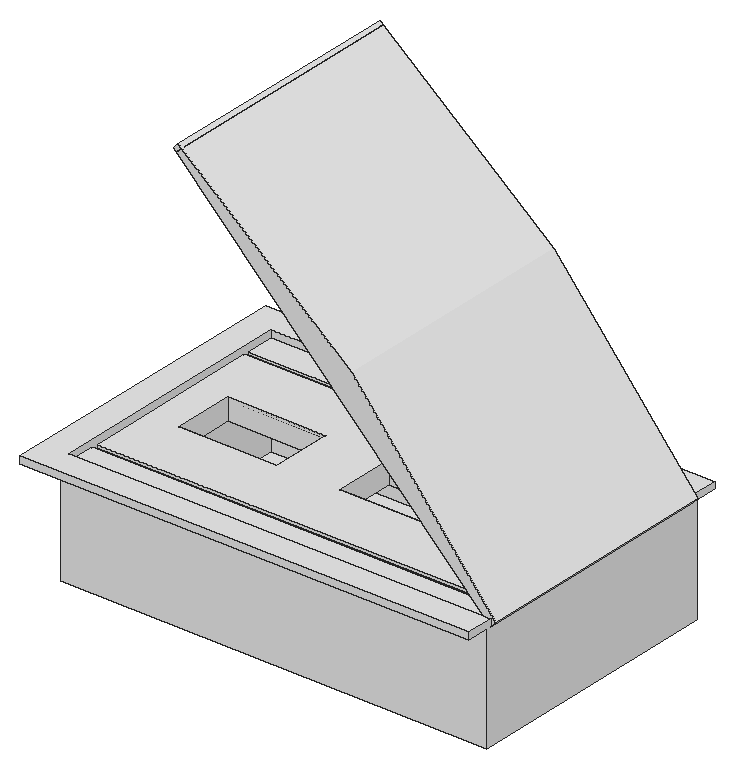
Revit family "Building-FlushMountingEnclosures-GEWISS-40CDE-ENCLOSURES_STD_SPA_WITH_DOOR_IP40_4+8M", category Apparecchi elettrici, host Superficie, Revit 2016
Family settings
  Host = Superficie
  Mantenere orientamento annotazione = Sì
  Tipo di parte = Normale
  Quota connettore circolare = Usa diametro
  Numero OmniClass = 23.80.30.11.17
  Titolo OmniClass = Distribution Boards and Control Panels
  Taglio con vuoti quando caricato = No
  Condiviso = No
  Punto di calcolo locali = Sì
Parameters (values of type "GW40338 - F.M.DEC.ENCLOSURE 4+8M.IP40 BLANK DOOR")
  Wattaggio = 0 V
  Visibilità sportello [instance] = yes
  Version file RFA = "18.0"
  VISIBILITA' SIMBOLO [instance] = yes
  VISIBILITA' ETICHETTA [instance] = yes
  URL = "https://www.gewiss.com/ww/en"
  Type of knockout holes = "Removable with tool"
  Type of enclosure = "GP"
  Thermo-pressure with ball = "70 °C"
  Technical sheet = "https://www.gewiss.com/ww/en/search?q=GW40338"
  Standard = "IEC EN 60670-1; IEC EN 60670-24"
  Spostamento_x_ET [instance] = -2.5 mm
  Spostamento_x [instance] = -2.5 mm
  Spostamento_effettivo_x_ET [instance] = 4000 mm - Spostamento_x_ET  # 4002.5 mm
  Spostamento_effettivo_x [instance] = 4000 mm - Spostamento_x  # 4002.5 mm
  Sportello = Sportello centralino cieco
  Shock resistance = "IK07"
  SEO = "Enclosure"
  Realized by GEWISS S.p.A. = ""
  Rated voltage (V) = "400"
  Rated current (In) = "40"
  Rated current (A) = "40"
  RAGGIO DI APERTURA = 39.2167°
  R.U. 1407-D Classifications = "CCE-ICP32"
  Produttore = "GEWISS S.p.A."
  Outer dim. LxHxD (mm) = "329x225x75"
  Operating temperature = "-15 ÷ +60°C"
  Nome quadro = "Nome quadro"
  No. EN 50022 mod. ICP sect. = "4"
  N.M. = 8  # constant formula
  Default Elevation = 1219.2 mm
  Profondità = 75 mm  # constant formula
  Numero di poli = 1
  N. EN 50022 mod. CB section = "8"
  Modello = "GW40338"
  Lunghezza finestratura = Dimensione modulo * N.M.  # 144 mm
  Lunghezza Centralino = 329 mm  # constant formula
  Insulation voltage = "750V"
  Insulation class = "II"
  Installation = "Flush mounting enclosures"
  Immagine tipo = GW40338.jpg
  IP degree = "IP40"
  IFC.TypeObject = ""
  IFC.ExportType = ""
  IFC.ExportAs = ""
  IDT = "e911ccb1-a0fd-4b38-88c6-7e2ed3b4f307"
  IDF = "91c68f02-d2dd-4f20-8235-d6c48b47a4c7"
  Glow Wire Test = "650°C"
  Electrocod = "0311"
  EAN code = "8011564170919"
  Door colour = "Blank"
  Distanza orizzontale del simbolo [instance] = 251.274 mm
  Dispersible power (W). = "9+14"
  Dimensione modulo = 18 mm  # constant formula
  Descrizione = "F.M.DEC.ENCLOSURE 4+8M.IP40 BLANK DOOR"
  Centralino = BIANCO IP30 RAL 9016
  Catalogue Range = "40 CDE"
  Catalogue = "BUILDING"
  Carico Apparente = 0 VA
  COBie.Tagnumber = ""
  COBie.CreatedOn = ""
  COBie.CreatebBy = ""
  COBie.ComponentRegisterItemID = ""
  COBie.Component.TagNumber = ""
  COBie.Component.Space = ""
  COBie.Component.SerialNumber = ""
  COBie.Component.InstallationDate = ""
  COBie.Component.Description = ""
  COBie.Component.BarCode = ""
  Altezza centralino = 225 mm  # constant formula
Types (2, lengths in mm): name | Technical sheet | Sportello | Default Elevation | Modello | IDT | EAN code | Door colour | Descrizione
  GW40336 - F.M.DEC.ENCLOSURE 4+8M.IP40 TRASP.DOOR | "https://www.gewiss.com/ww/en/search?q=GW40336" | Sportello centralino trasparente | 1200 | "GW40336" | "d8c6359b-0618-4dd6-8832-9d0e4b37c9d6" | "8011564041349" | "Smoked Transparent" | "F.M.DEC.ENCLOSURE 4+8M.IP40 TRASP.DOOR"
  GW40338 - F.M.DEC.ENCLOSURE 4+8M.IP40 BLANK DOOR | "https://www.gewiss.com/ww/en/search?q=GW40338" | Sportello centralino cieco | 1219.2 | "GW40338" | "e911ccb1-a0fd-4b38-88c6-7e2ed3b4f307" | "8011564170919" | "Blank" | "F.M.DEC.ENCLOSURE 4+8M.IP40 BLANK DOOR"
Reference planes
  plane 1 "Centro (Fronte/Retro)": y = 0
  plane 2 "FRONTE": z = 0
  plane 3 "Centro (Sinistra/Destra)": x = 0
  plane 4: x = -164.5
  plane 5: y = -112.5
  plane 6: x = 164.5
  plane 7: y = 112.5
  plane 8: x = -144.5
  plane 9: y = -92.5
  plane 10: y = 92.593
  plane 11: x = -24.5
  plane 12 "ff": z = 5
  plane 13: z = -75
  plane 14: x = -148
  plane 15: z = -78.5
  plane 16: y = 96.093
  plane 17: y = -96
  plane 18: x = -20.5
  plane 19: y = 47.5
  plane 20: y = 32.5
  plane 21: y = 22.5
  plane 22: y = -22.5
  plane 23: y = -32.5
  plane 24: y = -47.5
  plane 25: x = -120.5
  plane 26: x = -48.5
  plane 27: x = -2.5
  plane 28: x = 141.5
  plane 29: x = 161
  plane 30: z = -15.893
  plane 31: z = 17.061
  plane 32: y = -67.5
  plane 33: y = -71.5
  plane 34: y = 67.5
  plane 35: y = 71.5
  plane 36: z = -2
  plane 37: x = 0
  plane 38: x = -4002.5
  plane 39: x = 0
Forms (mm)
  Extrusion 1, solid, material "BIANCO IP30 RAL 9016" <- "Centralino"
    sketch origin (0, 0, 0) x (1, 0, 0) y (0, 1, 0)
      loop
        line (-164.5, 112.5) -> (-164.5, -112.5) -> (164.5, -112.5) -> (164.5, -92.5) -> (-144.5, -92.5) -> (-144.5, 92.593) -> (164.5, 92.593) -> (164.5, 112.5) -> (-164.5, 112.5)
    from 0 to 5
  Extrusion 2, void
    sketch origin (0, 0, 0) x (1, 0, 0) y (0, 1, 0)
      loop
        line (-148, 96.093) -> (-148, -96) -> (164.5, -96) -> (164.5, 96.093) -> (-148, 96.093)
    from -78.5 to 0
  Extrusion 3, solid, material "BIANCO IP30 RAL 9016" <- "Centralino"
    sketch origin (0, 0, 0) x (1, 0, 0) y (0, 1, 0)
      loop
        line (-144.5, 92.593) -> (-144.5, -92.5) -> (161, -92.5) -> (161, 92.593) -> (-144.5, 92.593)
      loop
        line (-148, 96.093) -> (-148, -96) -> (164.5, -96) -> (164.5, 96.093) -> (-148, 96.093)
    from -78.5 to 0
  Extrusion 4, solid, material "BIANCO IP30 RAL 9016" <- "Centralino"
    sketch origin (0, 0, 0) x (1, 0, 0) y (0, 1, 0)
      loop
        line (-148, 96.093) -> (-148, -96) -> (164.5, -96) -> (164.5, 96.093) -> (-148, 96.093)
    from -78.5 to -75
  Extrusion 5, solid, material "BIANCO IP30 RAL 9016" <- "Centralino"
    sketch origin (0, 0, 0) x (1, 0, 0) y (0, 1, 0)
      loop
        line (-120.5, 22.5) -> (-120.5, -22.5) -> (-48.5, -22.5) -> (-48.5, 22.5) -> (-120.5, 22.5)
      loop
        line (-2.5, 22.5) -> (-2.5, -22.5) -> (141.5, -22.5) -> (141.5, 22.5) -> (-2.5, 22.5)
      loop
        line (-144.5, 92.593) -> (-144.5, -92.5) -> (161, -92.5) -> (161, 92.593) -> (-144.5, 92.593)
    from -15.893 to 0
  Extrusion 6, void
    sketch origin (0, 0, 0) x (1, 0, 0) y (0, 1, 0)
      loop
        line (-144.5, 67.5) -> (161, 67.5) -> (161, 71.5) -> (-144.5, 71.5) -> (-144.5, 67.5)
      loop
        line (-144.5, -71.5) -> (161, -71.5) -> (161, -67.5) -> (-144.5, -67.5) -> (-144.5, -71.5)
    from -2 to 0
  Extrusion 7, solid, material "BIANCO IP30 RAL 9016" <- "Centralino", detail levels coarse
    sketch origin (0, 0, 0) x (1, 0, 0) y (0, 1, 0)
      loop
        line (-164.5, 112.5) -> (-164.5, -112.5) -> (164.5, -112.5) -> (164.5, 112.5) -> (-164.5, 112.5)
    from -2 to 0
  Extrusion 8, solid, material "Superfice trasparente"
    sketch origin (0, 0, 5) x (0, -1, 0) y (1, 0, 0)
      loop
        line (-22.5, -120.5) -> (22.5, -120.5) -> (22.5, -48.5) -> (-22.5, -48.5) -> (-22.5, -120.5)
      loop
        line (-22.5, -2.5) -> (22.5, -2.5) -> (22.5, 141.5) -> (-22.5, 141.5) -> (-22.5, -2.5)
    from -7 to -5
Cuts and joins
  Extrusion 2, Extrusion 6 cuts Extrusion 1
  Extrusion 6 cuts Extrusion 3
  Extrusion 6 cuts Extrusion 4
  Extrusion 6 cuts Extrusion 5
  joined: Extrusion 1, Extrusion 3, Extrusion 4, Extrusion 5
Lines and regions (mm)
  Masking region 1
    outline origin (164.5, 0, 0) x (-0.707107, 0, 0.707107) y (-0.707107, 0, -0.707107)
      loop
        line (219.557, 222.385) -> (165.463, 276.479) -> (-55.508, 55.508) -> (-1.414, 1.414) -> (219.557, 222.385)
  reference lines
    curve 1: line (164.5, 0, 0) -> (-100.665, 0, 265.165)
  model lines, detail levels fine
    curve 2: line (-144.43, -97.5, 0) -> (-24.43, -97.5, 0)
    curve 3: line (-24.43, -97.5, 0) -> (-24.43, 97.5, 0)
    curve 4: line (-24.43, 97.5, 0) -> (-144.43, 97.5, 0)
    curve 5: line (-144.43, 97.5, 0) -> (-144.43, -97.5, 0)
    curve 6: line (-48.43, -22.5, 0) -> (-48.43, 22.5, 0)
    curve 7: line (-48.43, 22.5, 0) -> (-120.43, 22.5, 0)
    curve 8: line (-120.43, 22.5, 0) -> (-120.43, -22.5, 0)
    curve 9: line (-120.43, -22.5, 0) -> (-48.43, -22.5, 0)
    curve 10: line (-120.194, 47.5, 0) -> (-48.43, 47.5, 0)
    curve 11: line (-48.43, 47.5, 0) -> (-48.43, 32.5, 0)
    curve 12: line (-48.43, 32.5, 0) -> (-120.194, 32.5, 0)
    curve 13: line (-120.194, 32.5, 0) -> (-120.194, 47.5, 0)
    curve 14: line (-120.194, -32.5, 0) -> (-48.43, -32.5, 0)
    curve 15: line (-48.43, -32.5, 0) -> (-48.43, -47.5, 0)
    curve 16: line (-48.43, -47.5, 0) -> (-120.194, -47.5, 0)
    curve 17: line (-120.194, -47.5, 0) -> (-120.194, -32.5, 0)
    curve 18: line (-24.43, -97.5, 0) -> (160.57, -97.5, 0)
    curve 19: line (160.57, -97.5, 0) -> (160.57, 97.5, 0)
    curve 20: line (160.57, 97.5, 0) -> (-24.43, 97.5, 0)
    curve 21: line (140.07, -22.5, 0) -> (140.07, 22.5, 0)
    curve 22: line (140.07, 22.5, 0) -> (-3.93, 22.5, 0)
    curve 23: line (-3.93, 22.5, 0) -> (-3.93, -22.5, 0)
    curve 24: line (-3.93, -22.5, 0) -> (140.07, -22.5, 0)
    curve 25: line (-3.694, 47.5, 0) -> (140.07, 47.5, 0)
    curve 26: line (140.07, 47.5, 0) -> (140.07, 32.5, 0)
    curve 27: line (140.07, 32.5, 0) -> (-3.694, 32.5, 0)
    curve 28: line (-3.694, 32.5, 0) -> (-3.694, 47.5, 0)
    curve 29: line (-3.694, -32.5, 0) -> (140.07, -32.5, 0)
    curve 30: line (140.07, -32.5, 0) -> (140.07, -47.5, 0)
    curve 31: line (140.07, -47.5, 0) -> (-3.694, -47.5, 0)
    curve 32: line (-3.694, -47.5, 0) -> (-3.694, -32.5, 0)
    curve 33: line (91.692, -90.296, 0) -> (94.602, -90.296, 0)
    curve 34: line (94.602, -90.296, 0) -> (96.387, -89.869, 0)
    curve 35: line (96.387, -89.869, 0) -> (97.007, -88.782, 0)
    curve 36: line (97.007, -88.782, 0) -> (97.007, -87.424, 0)
    curve 37: line (97.007, -87.424, 0) -> (96.037, -86.26, 0)
    curve 38: line (96.037, -86.26, 0) -> (94.602, -85.912, 0)
    curve 39: line (94.602, -85.912, 0) -> (91.692, -85.912, 0)
    curve 40: line (91.692, -85.912, 0) -> (91.692, -93.637, 0)
    curve 41: line (89.019, -85.912, 0) -> (89.019, -93.637, 0)
    curve 42: line (72.509, -93.637, 0) -> (72.509, -85.912, 0)
    curve 43: line (72.509, -85.912, 0) -> (75.804, -93.637, 0)
    curve 44: line (75.804, -93.637, 0) -> (79.1, -85.912, 0)
    curve 45: line (79.1, -85.912, 0) -> (79.1, -93.637, 0)
    curve 46: line (103.461, -91.561, 0) -> (98.136, -91.561, 0)
    curve 47: line (98.136, -91.561, 0) -> (98.136, -90.915, 0)
    curve 48: line (98.136, -90.915, 0) -> (101.858, -85.912, 0)
    curve 49: line (101.858, -85.912, 0) -> (101.858, -93.637, 0)
    curve 50: line (107.573, -93.637, 0) -> (107.096, -93.637, 0)
    curve 51: line (107.096, -93.637, 0) -> (106.327, -93.322, 0)
    curve 52: line (106.327, -93.322, 0) -> (105.474, -92.391, 0)
    curve 53: line (105.474, -92.391, 0) -> (105.086, -90.879, 0)
    curve 54: line (105.086, -90.879, 0) -> (105.086, -89.445, 0)
    curve 55: line (105.086, -89.445, 0) -> (105.164, -88.049, 0)
    curve 56: line (105.164, -88.049, 0) -> (105.474, -86.963, 0)
    curve 57: line (105.474, -86.963, 0) -> (106.249, -86.227, 0)
    curve 58: line (106.249, -86.227, 0) -> (106.986, -85.912, 0)
    curve 59: line (106.986, -85.912, 0) -> (107.684, -85.912, 0)
    curve 60: line (107.684, -85.912, 0) -> (108.42, -86.227, 0)
    curve 61: line (108.42, -86.227, 0) -> (109.196, -86.963, 0)
    curve 62: line (109.196, -86.963, 0) -> (109.506, -88.049, 0)
    curve 63: line (109.506, -88.049, 0) -> (109.583, -89.445, 0)
    curve 64: line (109.583, -89.445, 0) -> (109.583, -90.879, 0)
    curve 65: line (109.583, -90.879, 0) -> (109.196, -92.391, 0)
    curve 66: line (109.196, -92.391, 0) -> (108.343, -93.322, 0)
    curve 67: line (108.343, -93.322, 0) -> (107.573, -93.637, 0)
    curve 68: line (67.204, -89.498, 0) -> (67.69, -89.498, 0)
    curve 69: line (67.69, -89.498, 0) -> (68.304, -89.166, 0)
    curve 70: line (68.304, -89.166, 0) -> (68.957, -88.645, 0)
    curve 71: line (68.957, -88.645, 0) -> (69.215, -87.818, 0)
    curve 72: line (69.215, -87.818, 0) -> (68.905, -86.733, 0)
    curve 73: line (68.905, -86.733, 0) -> (68.367, -86.058, 0)
    curve 74: line (68.367, -86.058, 0) -> (67.51, -85.912, 0)
    curve 75: line (67.51, -85.912, 0) -> (67.204, -85.912, 0)
    curve 76: line (67.204, -85.912, 0) -> (66.898, -85.912, 0)
    curve 77: line (66.898, -85.912, 0) -> (66.04, -86.058, 0)
    curve 78: line (66.04, -86.058, 0) -> (65.502, -86.733, 0)
    curve 79: line (65.502, -86.733, 0) -> (65.192, -87.818, 0)
    curve 80: line (65.192, -87.818, 0) -> (65.45, -88.645, 0)
    curve 81: line (65.45, -88.645, 0) -> (66.104, -89.166, 0)
    curve 82: line (66.104, -89.166, 0) -> (66.717, -89.498, 0)
    curve 83: line (66.717, -89.498, 0) -> (67.204, -89.498, 0)
    curve 84: line (66.717, -89.498, 0) -> (65.806, -89.783, 0)
    curve 85: line (65.806, -89.783, 0) -> (65.192, -90.377, 0)
    curve 86: line (65.192, -90.377, 0) -> (64.849, -91.137, 0)
    curve 87: line (64.849, -91.137, 0) -> (64.908, -92.16, 0)
    curve 88: line (64.908, -92.16, 0) -> (65.295, -92.936, 0)
    curve 89: line (65.295, -92.936, 0) -> (65.791, -93.448, 0)
    curve 90: line (65.791, -93.448, 0) -> (66.759, -93.637, 0)
    curve 91: line (66.759, -93.637, 0) -> (67.648, -93.637, 0)
    curve 92: line (67.648, -93.637, 0) -> (68.617, -93.448, 0)
    curve 93: line (68.617, -93.448, 0) -> (69.112, -92.936, 0)
    curve 94: line (69.112, -92.936, 0) -> (69.5, -92.16, 0)
    curve 95: line (69.5, -92.16, 0) -> (69.558, -91.137, 0)
    curve 96: line (69.558, -91.137, 0) -> (69.215, -90.377, 0)
    curve 97: line (69.215, -90.377, 0) -> (68.601, -89.783, 0)
    curve 98: line (68.601, -89.783, 0) -> (67.69, -89.498, 0)
    curve 99: line (-164.5, -112.5, 0) -> (164, -112.5, 0)
    curve 100: line (164, -112.5, 0) -> (164, 112.5, 0)
    curve 101: line (164, 112.5, 0) -> (-164.5, 112.5, 0)
    curve 102: line (-164.5, 112.5, 0) -> (-164.5, -112.5, 0)
  model lines, not visible, detail levels fine
    curve 103: line (574.146, 183.429, 0) -> (694.146, 183.429, 0)
    curve 104: line (694.146, 183.429, 0) -> (694.146, 378.429, 0)
    curve 105: line (694.146, 378.429, 0) -> (574.146, 378.429, 0)
    curve 106: line (574.146, 378.429, 0) -> (574.146, 183.429, 0)
    curve 107: line (670.146, 258.429, 0) -> (670.146, 303.429, 0)
    curve 108: line (670.146, 303.429, 0) -> (598.146, 303.429, 0)
    curve 109: line (598.146, 303.429, 0) -> (598.146, 258.429, 0)
    curve 110: line (598.146, 258.429, 0) -> (670.146, 258.429, 0)
    curve 111: line (598.382, 328.429, 0) -> (670.146, 328.429, 0)
    curve 112: line (670.146, 328.429, 0) -> (670.146, 313.429, 0)
    curve 113: line (670.146, 313.429, 0) -> (598.382, 313.429, 0)
    curve 114: line (598.382, 313.429, 0) -> (598.382, 328.429, 0)
    curve 115: line (598.382, 248.429, 0) -> (670.146, 248.429, 0)
    curve 116: line (670.146, 248.429, 0) -> (670.146, 233.429, 0)
    curve 117: line (670.146, 233.429, 0) -> (598.382, 233.429, 0)
    curve 118: line (598.382, 233.429, 0) -> (598.382, 248.429, 0)
    curve 119: line (694.146, 183.429, 0) -> (879.146, 183.429, 0)
    curve 120: line (879.146, 183.429, 0) -> (879.146, 378.429, 0)
    curve 121: line (879.146, 378.429, 0) -> (694.146, 378.429, 0)
    curve 122: line (858.646, 258.429, 0) -> (858.646, 303.429, 0)
    curve 123: line (858.646, 303.429, 0) -> (714.646, 303.429, 0)
    curve 124: line (714.646, 303.429, 0) -> (714.646, 258.429, 0)
    curve 125: line (714.646, 258.429, 0) -> (858.646, 258.429, 0)
    curve 126: line (714.882, 328.429, 0) -> (858.646, 328.429, 0)
    curve 127: line (858.646, 328.429, 0) -> (858.646, 313.429, 0)
    curve 128: line (858.646, 313.429, 0) -> (714.882, 313.429, 0)
    curve 129: line (714.882, 313.429, 0) -> (714.882, 328.429, 0)
    curve 130: line (714.882, 248.429, 0) -> (858.646, 248.429, 0)
    curve 131: line (858.646, 248.429, 0) -> (858.646, 233.429, 0)
    curve 132: line (858.646, 233.429, 0) -> (714.882, 233.429, 0)
    curve 133: line (714.882, 233.429, 0) -> (714.882, 248.429, 0)
    curve 134: line (810.268, 190.633, 0) -> (813.178, 190.633, 0)
    curve 135: line (813.178, 190.633, 0) -> (814.963, 191.06, 0)
    curve 136: line (814.963, 191.06, 0) -> (815.583, 192.147, 0)
    curve 137: line (815.583, 192.147, 0) -> (815.583, 193.505, 0)
    curve 138: line (815.583, 193.505, 0) -> (814.613, 194.669, 0)
    curve 139: line (814.613, 194.669, 0) -> (813.178, 195.017, 0)
    curve 140: line (813.178, 195.017, 0) -> (810.268, 195.017, 0)
    curve 141: line (810.268, 195.017, 0) -> (810.268, 187.292, 0)
    curve 142: line (807.595, 195.017, 0) -> (807.595, 187.292, 0)
    curve 143: line (791.085, 187.292, 0) -> (791.085, 195.017, 0)
    curve 144: line (791.085, 195.017, 0) -> (794.38, 187.292, 0)
    curve 145: line (794.38, 187.292, 0) -> (797.676, 195.017, 0)
    curve 146: line (797.676, 195.017, 0) -> (797.676, 187.292, 0)
    curve 147: line (822.037, 189.368, 0) -> (816.712, 189.368, 0)
    curve 148: line (816.712, 189.368, 0) -> (816.712, 190.014, 0)
    curve 149: line (816.712, 190.014, 0) -> (820.434, 195.017, 0)
    curve 150: line (820.434, 195.017, 0) -> (820.434, 187.292, 0)
    curve 151: line (826.15, 187.292, 0) -> (825.672, 187.292, 0)
    curve 152: line (825.672, 187.292, 0) -> (824.903, 187.607, 0)
    curve 153: line (824.903, 187.607, 0) -> (824.05, 188.538, 0)
    curve 154: line (824.05, 188.538, 0) -> (823.662, 190.05, 0)
    curve 155: line (823.662, 190.05, 0) -> (823.662, 191.485, 0)
    curve 156: line (823.662, 191.485, 0) -> (823.74, 192.88, 0)
    curve 157: line (823.74, 192.88, 0) -> (824.05, 193.966, 0)
    curve 158: line (824.05, 193.966, 0) -> (824.825, 194.702, 0)
    curve 159: line (824.825, 194.702, 0) -> (825.562, 195.017, 0)
    curve 160: line (825.562, 195.017, 0) -> (826.26, 195.017, 0)
    curve 161: line (826.26, 195.017, 0) -> (826.996, 194.702, 0)
    curve 162: line (826.996, 194.702, 0) -> (827.772, 193.966, 0)
    curve 163: line (827.772, 193.966, 0) -> (828.082, 192.88, 0)
    curve 164: line (828.082, 192.88, 0) -> (828.16, 191.485, 0)
    curve 165: line (828.16, 191.485, 0) -> (828.16, 190.05, 0)
    curve 166: line (828.16, 190.05, 0) -> (827.772, 188.538, 0)
    curve 167: line (827.772, 188.538, 0) -> (826.919, 187.607, 0)
    curve 168: line (826.919, 187.607, 0) -> (826.15, 187.292, 0)
    curve 169: line (785.78, 191.431, 0) -> (786.266, 191.431, 0)
    curve 170: line (786.266, 191.431, 0) -> (786.88, 191.763, 0)
    curve 171: line (786.88, 191.763, 0) -> (787.533, 192.284, 0)
    curve 172: line (787.533, 192.284, 0) -> (787.791, 193.111, 0)
    curve 173: line (787.791, 193.111, 0) -> (787.481, 194.196, 0)
    curve 174: line (787.481, 194.196, 0) -> (786.943, 194.871, 0)
    curve 175: line (786.943, 194.871, 0) -> (786.086, 195.017, 0)
    curve 176: line (786.086, 195.017, 0) -> (785.78, 195.017, 0)
    curve 177: line (785.78, 195.017, 0) -> (785.474, 195.017, 0)
    curve 178: line (785.474, 195.017, 0) -> (784.616, 194.871, 0)
    curve 179: line (784.616, 194.871, 0) -> (784.078, 194.196, 0)
    curve 180: line (784.078, 194.196, 0) -> (783.768, 193.111, 0)
    curve 181: line (783.768, 193.111, 0) -> (784.026, 192.284, 0)
    curve 182: line (784.026, 192.284, 0) -> (784.68, 191.763, 0)
    curve 183: line (784.68, 191.763, 0) -> (785.293, 191.431, 0)
    curve 184: line (785.293, 191.431, 0) -> (785.78, 191.431, 0)
    curve 185: line (785.293, 191.431, 0) -> (784.382, 191.146, 0)
    curve 186: line (784.382, 191.146, 0) -> (783.768, 190.552, 0)
    curve 187: line (783.768, 190.552, 0) -> (783.425, 189.792, 0)
    curve 188: line (783.425, 189.792, 0) -> (783.484, 188.769, 0)
    curve 189: line (783.484, 188.769, 0) -> (783.871, 187.993, 0)
    curve 190: line (783.871, 187.993, 0) -> (784.367, 187.481, 0)
    curve 191: line (784.367, 187.481, 0) -> (785.335, 187.292, 0)
    curve 192: line (785.335, 187.292, 0) -> (786.224, 187.292, 0)
    curve 193: line (786.224, 187.292, 0) -> (787.193, 187.481, 0)
    curve 194: line (787.193, 187.481, 0) -> (787.688, 187.993, 0)
    curve 195: line (787.688, 187.993, 0) -> (788.076, 188.769, 0)
    curve 196: line (788.076, 188.769, 0) -> (788.134, 189.792, 0)
    curve 197: line (788.134, 189.792, 0) -> (787.791, 190.552, 0)
    curve 198: line (787.791, 190.552, 0) -> (787.177, 191.146, 0)
    curve 199: line (787.177, 191.146, 0) -> (786.266, 191.431, 0)
    curve 200: line (554.076, 168.429, 0) -> (882.576, 168.429, 0)
    curve 201: line (882.576, 168.429, 0) -> (882.576, 393.429, 0)
    curve 202: line (882.576, 393.429, 0) -> (554.076, 393.429, 0)
    curve 203: line (554.076, 393.429, 0) -> (554.076, 168.429, 0)
  model lines, style "InvisibleLines"
    curve 204: line (-2.5, 0, 0) -> (141.5, 0, 0)
    curve 205: line (-120.5, 0, 0) -> (-48.43, 0, 0)
Dimensions and locks
  equal spacing: plane 4, plane 3 "Centro (Sinistra/Destra)", plane 6
  equal spacing: plane 7, plane 1 "Centro (Fronte/Retro)", plane 5
  locked: plane 4 to plane 8 at 20
  locked: plane 9 to plane 5 at 20
  locked: plane 7 to plane 10 at 19.907
  locked: plane 8 to plane 11 at 120
  "Lunghezza Centralino": plane 4 to plane 6
  locked: plane 12 "ff" to host face at 5
  "Profondità": host face to plane 13
  locked: plane 8 to plane 14 at 3.5
  locked: plane 13 to plane 15 at 3.5
  locked: plane 16 to plane 10 at 3.5
  locked: plane 9 to plane 17 at 3.5
  "Altezza centralino": plane 7 to plane 5
  locked: plane 22 to plane 21 at 45
  locked: plane 21 to plane 20 at 10
  locked: plane 20 to plane 19 at 15
  plane 24 to plane 23 to plane 22 = 15 mm locked, 10 mm locked
  locked: plane 8 to plane 25 at 24
  locked: plane 26 to plane 11 at 24
  "Lunghezza finestratura": plane 27 to plane 28
  locked: plane 11 to plane 27 at 22
  locked: plane 29 to plane 6 at 3.5
  locked: host face to plane 30 at 15.893
  locked: plane 31 to host face at 17.061
  locked: plane 33 to plane 32 at 4
  plane 16 to plane 10 = 3.5 mm
  locked: plane 34 to plane 35 at 4
  locked: plane 11 to plane 18 at 4
  locked: host face to plane 36 at 2
  plane 38 to plane 27 = 4000 mm
  "Spostamento_effettivo_x": plane 38 to plane 37
  "Spostamento_effettivo_x_ET": plane 38 to plane 39
  angle curve 1 to host face = 45.00°
  aligned and locked: plane 2 "FRONTE" to host face
  aligned and locked: level to host face
  aligned and locked: Extrusion 1 sketch curve to plane 7
  aligned and locked: plane 4 to Extrusion 1 sketch curve
  aligned and locked: plane 5 to Extrusion 1 sketch curve
  aligned and locked: Extrusion 1 sketch curve to plane 6
  aligned and locked: Extrusion 1 sketch curve to plane 10
  aligned and locked: plane 8 to Extrusion 1 sketch curve
  aligned and locked: plane 9 to Extrusion 1 sketch curve
  aligned and locked: Extrusion 1 to plane 12 "ff"
  aligned and locked: level to Extrusion 2
  aligned and locked: Extrusion 2 sketch curve to plane 16
  aligned and locked: plane 14 to Extrusion 2 sketch curve
  aligned and locked: plane 17 to Extrusion 2 sketch curve
  aligned and locked: Extrusion 2 to plane 15
  aligned and locked: Extrusion 3 sketch curve to plane 16
  aligned and locked: Extrusion 3 sketch curve to plane 10
  aligned and locked: plane 14 to Extrusion 3 sketch curve
  aligned and locked: plane 8 to Extrusion 3 sketch curve
  aligned and locked: plane 17 to Extrusion 3 sketch curve
  aligned and locked: plane 9 to Extrusion 3 sketch curve
  aligned and locked: Extrusion 3 to plane 15
  aligned and locked: level to Extrusion 3
  aligned and locked: plane 17 to Extrusion 4 sketch curve
  aligned and locked: plane 14 to Extrusion 4 sketch curve
  aligned and locked: Extrusion 4 sketch curve to plane 16
  aligned and locked: Extrusion 4 to plane 15
  aligned and locked: plane 13 to Extrusion 4
  aligned and locked: Extrusion 2 sketch curve to plane 6
  aligned and locked: Extrusion 3 sketch curve to plane 6
  aligned and locked: Extrusion 3 sketch curve to plane 29
  aligned and locked: Extrusion 4 sketch curve to plane 6
  aligned and locked: plane 21 to Extrusion 5 sketch curve  (x2)
  aligned and locked: plane 25 to Extrusion 5 sketch curve
  aligned and locked: Extrusion 5 sketch curve to plane 26
  aligned and locked: Extrusion 5 sketch curve to plane 22  (x2)
  aligned and locked: Extrusion 5 sketch curve to plane 28
  aligned and locked: plane 27 to Extrusion 5 sketch curve
  aligned and locked: Extrusion 5 sketch curve to plane 10
  aligned and locked: plane 8 to Extrusion 5 sketch curve
  aligned and locked: Extrusion 5 sketch curve to plane 29
  aligned and locked: plane 9 to Extrusion 5 sketch curve
  aligned and locked: host face to Extrusion 5
  aligned and locked: Extrusion 5 to plane 30
  aligned and locked: plane 6 to curve 1
  aligned and locked: Extrusion 6 sketch curve to plane 32
  aligned and locked: plane 33 to Extrusion 6 sketch curve
  aligned and locked: Extrusion 6 sketch curve to plane 8  (x2)
  aligned and locked: plane 29 to Extrusion 6 sketch curve  (x2)
  aligned and locked: Extrusion 6 sketch curve to plane 35
  aligned and locked: plane 34 to Extrusion 6 sketch curve
  aligned and locked: plane 36 to Extrusion 6
  aligned and locked: level to Extrusion 6
  aligned and locked: plane 5 to Extrusion 7 sketch curve
  aligned and locked: Extrusion 7 sketch curve to plane 7
  aligned and locked: plane 4 to Extrusion 7 sketch curve
  aligned and locked: Extrusion 7 sketch curve to plane 6
  aligned and locked: Extrusion 7 to cut or joined group of Extrusion 1, Extrusion 2, Extrusion 3, Extrusion 4, Extrusion 5, Extrusion 6
  aligned and locked: level to Extrusion 7
  aligned and locked: curve 102 to plane 4
  aligned and locked: nested 1 to curve 1
  aligned and locked: plane 2 "FRONTE" to curve 99
  aligned and locked: nested 1 to plane 10
  aligned and locked: nested 1 to plane 9
  aligned and locked: plane 21 to Extrusion 8 sketch curve  (x2)
  aligned and locked: plane 25 to Extrusion 8 sketch curve
  aligned and locked: Extrusion 8 sketch curve to plane 22  (x2)
  aligned and locked: Extrusion 8 sketch curve to plane 26
  aligned and locked: plane 27 to Extrusion 8 sketch curve
  aligned and locked: Extrusion 8 sketch curve to plane 28
  aligned and locked: cut or joined group of Extrusion 1, Extrusion 2, Extrusion 3, Extrusion 4, Extrusion 5, Extrusion 6 to Extrusion 8
  aligned and locked: host face to Extrusion 8
  aligned and locked: plane 37 to nested 2
  aligned and locked: plane 39 to nested 3
  aligned and locked: plane 28 to curve 204
  aligned and locked: nested 4 to plane 29
  aligned and locked: plane 14 to nested 4
  aligned and locked: nested 4 to host face
Automatic sketch dimensions
  host sketch curve to host sketch curve = 2438.4 mm  (x2)
  Extrusion 1 sketch curve to plane 6 = 0 mm
  curve 1 to level = 0 mm
  Masking region 1 sketch curve to curve 1 = 55.508 mm  (x2)
  curve 1 to Masking region 1 sketch curve = 165.463 mm
  Masking region 1 sketch curve to curve 1 = 155.443 mm
  Masking region 1 sketch curve to curve 1 = 1.414 mm
  plane 1 "Centro (Fronte/Retro)" to curve 205 = 0 mm
  curve 205 to plane 25 = 0 mm
  plane 1 "Centro (Fronte/Retro)" to curve 204 = 0 mm
  curve 204 to plane 27 = 0 mm
  plane 26 to curve 205 = 0.07 mm
  curve 99 to curve 2 = 20.07 mm
  curve 8 to curve 17 = 0.236 mm
  curve 7 to curve 12 = 0.236 mm
  curve 14 to curve 14 = 71.764 mm
  curve 7 to curve 14 = 0 mm
  curve 12 to curve 6 = 0 mm
  curve 6 to curve 24 = 44.5 mm
  curve 23 to curve 32 = 0.236 mm
  curve 22 to curve 25 = 0.236 mm
  curve 86 to curve 87 = 0.059 mm
  curve 86 to curve 86 = 0.343 mm
  curve 80 to curve 85 = 0 mm
  curve 87 to curve 89 = 0.388 mm
  curve 79 to curve 80 = 0.258 mm
  curve 79 to curve 79 = 0.31 mm
  curve 88 to curve 90 = 0.495 mm
  curve 85 to curve 85 = 0.614 mm
  curve 78 to curve 77 = 0.538 mm
  curve 85 to curve 82 = 0.298 mm
  curve 81 to curve 83 = 0.613 mm
  curve 89 to curve 91 = 0.969 mm
  curve 77 to curve 77 = 0.858 mm
  curve 76 to curve 75 = 0.306 mm
  curve 82 to curve 83 = 0.487 mm
  curve 75 to curve 74 = 0.306 mm
  curve 90 to curve 92 = 0.889 mm
  curve 83 to curve 69 = 0.487 mm
  curve 68 to curve 69 = 0.613 mm
  curve 74 to curve 73 = 0.858 mm
  curve 69 to curve 97 = 0.298 mm
  curve 91 to curve 93 = 0.969 mm
  curve 73 to curve 72 = 0.538 mm
  curve 69 to curve 70 = 0.653 mm
  curve 92 to curve 94 = 0.495 mm
  curve 97 to curve 96 = 0.614 mm
  curve 70 to curve 72 = 0.258 mm
  curve 93 to curve 95 = 0.388 mm
  curve 97 to curve 96 = 0.343 mm
  curve 72 to curve 42 = 3.604 mm
  curve 42 to curve 43 = 3.295 mm
  curve 42 to curve 44 = 6.591 mm
  curve 44 to curve 39 = 12.592 mm
  curve 33 to curve 34 = 2.91 mm
  curve 39 to curve 39 = 2.91 mm
  curve 38 to curve 37 = 1.436 mm
  curve 33 to curve 35 = 1.785 mm
  curve 34 to curve 35 = 0.621 mm
  curve 34 to curve 47 = 1.75 mm
  curve 36 to curve 48 = 4.851 mm
  curve 48 to curve 55 = 3.228 mm
  curve 54 to curve 56 = 0.078 mm
  curve 55 to curve 56 = 0.31 mm
  curve 53 to curve 53 = 0.388 mm
  curve 56 to curve 57 = 0.775 mm
  curve 52 to curve 52 = 0.853 mm
  curve 57 to curve 58 = 0.737 mm
  curve 51 to curve 50 = 0.769 mm
  curve 50 to curve 50 = 0.477 mm
  curve 59 to curve 59 = 0.698 mm
  curve 50 to curve 66 = 0.769 mm
  curve 59 to curve 61 = 0.737 mm
  curve 60 to curve 61 = 0.775 mm
  curve 66 to curve 65 = 0.853 mm
  curve 61 to curve 63 = 0.31 mm
  curve 62 to curve 64 = 0.078 mm
  curve 60 to curve 30 = 31.649 mm
  curve 24 to curve 29 = 0 mm
  curve 25 to curve 21 = 0 mm
  curve 19 to curve 100 = 3.43 mm
  curve 99 to curve 3 = 15 mm
  curve 18 to curve 67 = 3.863 mm
  curve 91 to curve 44 = 0 mm
  curve 90 to curve 89 = 0.189 mm
  curve 91 to curve 93 = 0.189 mm
  curve 50 to curve 67 = 0.316 mm
  curve 50 to curve 52 = 0.316 mm
  curve 89 to curve 88 = 0.512 mm
  curve 92 to curve 94 = 0.512 mm
  curve 66 to curve 65 = 0.93 mm
  curve 51 to curve 53 = 0.93 mm
  curve 89 to curve 88 = 0.775 mm
  curve 93 to curve 95 = 0.775 mm
  curve 52 to curve 47 = 0.83 mm
  curve 88 to curve 87 = 1.023 mm
  curve 94 to curve 95 = 1.023 mm
  curve 46 to curve 48 = 0.646 mm
  curve 65 to curve 65 = 1.512 mm
  curve 52 to curve 54 = 1.512 mm
  curve 86 to curve 85 = 0.76 mm
  curve 95 to curve 96 = 0.76 mm
  curve 47 to curve 33 = 0.619 mm
  curve 33 to curve 34 = 0.427 mm
  curve 85 to curve 84 = 0.594 mm
  curve 96 to curve 98 = 0.594 mm
  curve 85 to curve 83 = 0.285 mm
  curve 53 to curve 55 = 1.435 mm
  curve 64 to curve 64 = 1.435 mm
  curve 97 to curve 69 = 0.617 mm
  curve 85 to curve 81 = 0.617 mm
  curve 34 to curve 35 = 1.086 mm
  curve 69 to curve 71 = 0.521 mm
  curve 81 to curve 81 = 0.521 mm
  curve 64 to curve 63 = 1.396 mm
  curve 54 to curve 56 = 1.396 mm
  curve 70 to curve 72 = 0.827 mm
  curve 80 to curve 80 = 0.827 mm
  curve 35 to curve 36 = 1.358 mm
  curve 62 to curve 62 = 1.086 mm
  curve 55 to curve 57 = 1.086 mm
  curve 79 to curve 78 = 1.086 mm
  curve 72 to curve 73 = 1.086 mm
  curve 36 to curve 37 = 1.164 mm
  curve 56 to curve 57 = 0.737 mm
  curve 61 to curve 61 = 0.737 mm
  curve 72 to curve 74 = 0.675 mm
  curve 78 to curve 77 = 0.675 mm
  curve 56 to curve 49 = 1.052 mm
  curve 77 to curve 76 = 0.146 mm
  curve 44 to curve 44 = 7.726 mm
  curve 72 to curve 43 = 0.821 mm
  curve 57 to curve 58 = 0.315 mm
  curve 37 to curve 40 = 0.349 mm
  curve 16 to curve 14 = 15 mm
  curve 30 to curve 30 = 15 mm
  curve 29 to curve 21 = 10 mm
  curve 14 to curve 8 = 10 mm
  curve 6 to curve 6 = 45 mm
  curve 6 to curve 22 = 0 mm
  curve 22 to curve 28 = 10 mm
  curve 7 to curve 13 = 10 mm
  curve 11 to curve 11 = 15 mm
  curve 27 to curve 28 = 15 mm
  curve 4 to curve 101 = 15 mm
  curve 41 to curve 39 = 2.673 mm
  curve 46 to curve 53 = 1.625 mm
  curve 42 to curve 43 = 0 mm
  curve 41 to curve 33 = 3.342 mm
  curve 41 to curve 40 = 0 mm
  curve 49 to curve 46 = 2.076 mm
  curve 43 to curve 45 = 0 mm
  curve 41 to curve 39 = 0 mm
  curve 2 to curve 16 = 50 mm
  curve 25 to curve 19 = 20.5 mm
  curve 3 to curve 25 = 20.736 mm
  curve 25 to curve 20 = 50 mm
  curve 31 to curve 87 = 68.543 mm
  curve 43 to curve 41 = 0 mm
  curve 2 to curve 8 = 24 mm
  curve 15 to curve 31 = 0 mm
  curve 200 to curve 103 = 20.07 mm
  curve 109 to curve 118 = 0.236 mm
  curve 108 to curve 113 = 0.236 mm
  curve 115 to curve 115 = 71.764 mm
  curve 108 to curve 115 = 0 mm
  curve 113 to curve 107 = 0 mm
  curve 107 to curve 125 = 44.5 mm
  curve 124 to curve 133 = 0.236 mm
  curve 123 to curve 126 = 0.236 mm
  curve 187 to curve 188 = 0.059 mm
  curve 187 to curve 187 = 0.343 mm
  curve 181 to curve 186 = 0 mm
  curve 188 to curve 190 = 0.388 mm
  curve 180 to curve 181 = 0.258 mm
  curve 180 to curve 180 = 0.31 mm
  curve 189 to curve 191 = 0.495 mm
  curve 186 to curve 186 = 0.614 mm
  curve 179 to curve 178 = 0.538 mm
  curve 186 to curve 183 = 0.298 mm
  curve 182 to curve 184 = 0.613 mm
  curve 190 to curve 192 = 0.969 mm
  curve 178 to curve 178 = 0.858 mm
  curve 177 to curve 176 = 0.306 mm
  curve 183 to curve 184 = 0.487 mm
  curve 176 to curve 175 = 0.306 mm
  curve 191 to curve 193 = 0.889 mm
  curve 184 to curve 170 = 0.487 mm
  curve 169 to curve 170 = 0.613 mm
  curve 175 to curve 174 = 0.858 mm
  curve 170 to curve 198 = 0.298 mm
  curve 192 to curve 194 = 0.969 mm
  curve 174 to curve 173 = 0.538 mm
  curve 170 to curve 171 = 0.653 mm
  curve 193 to curve 195 = 0.495 mm
  curve 198 to curve 197 = 0.614 mm
  curve 171 to curve 173 = 0.258 mm
  curve 194 to curve 196 = 0.388 mm
  curve 198 to curve 197 = 0.343 mm
  curve 173 to curve 143 = 3.604 mm
  curve 143 to curve 144 = 3.295 mm
  curve 143 to curve 145 = 6.591 mm
  curve 145 to curve 140 = 12.592 mm
  curve 134 to curve 135 = 2.91 mm
  curve 140 to curve 140 = 2.91 mm
  curve 139 to curve 138 = 1.436 mm
  curve 134 to curve 136 = 1.785 mm
  curve 135 to curve 136 = 0.621 mm
  curve 135 to curve 148 = 1.75 mm
  curve 137 to curve 149 = 4.851 mm
  curve 149 to curve 156 = 3.228 mm
  curve 155 to curve 157 = 0.078 mm
  curve 156 to curve 157 = 0.31 mm
  curve 154 to curve 154 = 0.388 mm
  curve 157 to curve 158 = 0.775 mm
  curve 153 to curve 153 = 0.853 mm
  curve 158 to curve 159 = 0.737 mm
  curve 152 to curve 151 = 0.769 mm
  curve 151 to curve 151 = 0.477 mm
  curve 160 to curve 160 = 0.698 mm
  curve 151 to curve 167 = 0.769 mm
  curve 160 to curve 162 = 0.737 mm
  curve 161 to curve 162 = 0.775 mm
  curve 167 to curve 166 = 0.853 mm
  curve 162 to curve 164 = 0.31 mm
  curve 163 to curve 165 = 0.078 mm
  curve 161 to curve 131 = 31.649 mm
  curve 125 to curve 130 = 0 mm
  curve 126 to curve 122 = 0 mm
  curve 120 to curve 201 = 3.43 mm
  curve 200 to curve 104 = 15 mm
  curve 119 to curve 168 = 3.863 mm
  curve 192 to curve 145 = 0 mm
  curve 191 to curve 190 = 0.189 mm
  curve 192 to curve 194 = 0.189 mm
  curve 151 to curve 168 = 0.316 mm
  curve 151 to curve 153 = 0.316 mm
  curve 190 to curve 189 = 0.512 mm
  curve 193 to curve 195 = 0.512 mm
  curve 167 to curve 166 = 0.93 mm
  curve 152 to curve 154 = 0.93 mm
  curve 190 to curve 189 = 0.775 mm
  curve 194 to curve 196 = 0.775 mm
  curve 153 to curve 148 = 0.83 mm
  curve 189 to curve 188 = 1.023 mm
  curve 195 to curve 196 = 1.023 mm
  curve 147 to curve 149 = 0.646 mm
  curve 166 to curve 166 = 1.512 mm
  curve 153 to curve 155 = 1.512 mm
  curve 187 to curve 186 = 0.76 mm
  curve 196 to curve 197 = 0.76 mm
  curve 148 to curve 134 = 0.619 mm
  curve 134 to curve 135 = 0.427 mm
  curve 186 to curve 185 = 0.594 mm
  curve 197 to curve 199 = 0.594 mm
  curve 186 to curve 184 = 0.285 mm
  curve 154 to curve 156 = 1.435 mm
  curve 165 to curve 165 = 1.435 mm
  curve 198 to curve 170 = 0.617 mm
  curve 186 to curve 182 = 0.617 mm
  curve 135 to curve 136 = 1.086 mm
  curve 170 to curve 172 = 0.521 mm
  curve 182 to curve 182 = 0.521 mm
  curve 165 to curve 164 = 1.396 mm
  curve 155 to curve 157 = 1.396 mm
  curve 171 to curve 173 = 0.827 mm
  curve 181 to curve 181 = 0.827 mm
  curve 136 to curve 137 = 1.358 mm
  curve 163 to curve 163 = 1.086 mm
  curve 156 to curve 158 = 1.086 mm
  curve 180 to curve 179 = 1.086 mm
  curve 173 to curve 174 = 1.086 mm
  curve 137 to curve 138 = 1.164 mm
  curve 157 to curve 158 = 0.737 mm
  curve 162 to curve 162 = 0.737 mm
  curve 173 to curve 175 = 0.675 mm
  curve 179 to curve 178 = 0.675 mm
  curve 157 to curve 150 = 1.052 mm
  curve 178 to curve 177 = 0.146 mm
  curve 145 to curve 145 = 7.726 mm
  curve 173 to curve 144 = 0.821 mm
  curve 158 to curve 159 = 0.315 mm
  curve 138 to curve 141 = 0.349 mm
  curve 117 to curve 115 = 15 mm
  curve 131 to curve 131 = 15 mm
  curve 130 to curve 122 = 10 mm
  curve 115 to curve 109 = 10 mm
  curve 107 to curve 107 = 45 mm
  curve 107 to curve 123 = 0 mm
  curve 123 to curve 129 = 10 mm
  curve 108 to curve 114 = 10 mm
  curve 112 to curve 112 = 15 mm
  curve 128 to curve 129 = 15 mm
  curve 105 to curve 202 = 15 mm
  curve 142 to curve 140 = 2.673 mm
  curve 147 to curve 154 = 1.625 mm
  curve 143 to curve 144 = 0 mm
  curve 142 to curve 134 = 3.342 mm
  curve 142 to curve 141 = 0 mm
  curve 150 to curve 147 = 2.076 mm
  curve 144 to curve 146 = 0 mm
  curve 142 to curve 140 = 0 mm
  curve 103 to curve 117 = 50 mm
  curve 126 to curve 120 = 20.5 mm
  curve 104 to curve 126 = 20.736 mm
  curve 126 to curve 121 = 50 mm
  curve 132 to curve 188 = 68.543 mm
  curve 144 to curve 142 = 0 mm
  curve 103 to curve 109 = 24 mm
  curve 116 to curve 132 = 0 mm
Nested families
  nested 1: "Sportello" at (164.5, 1376.815, 0) x (0.7071, 0, -0.7071) z (0, -1, 0), visible <- "Visibilità sportello", type "Sportello", detail levels fine
    with Altezza pannello 185.093 mm
  nested 2: "CENTRALINO" at (0, 312.523, 0), SIMBOLO ACCESO <- "VISIBILITA' SIMBOLO", type "CENTRALINO"
    with SIMBOLO ACCESO yes, Distanza dal muro 4.208 mm, BORDO ACCESO yes
  nested 3: "etichetta quadro" at (0, 547.271, 0), visible <- "VISIBILITA' ETICHETTA", type "etichetta quadro"
  nested 4: "apertura in pianta" at (6.5, 0, 0) x (1, 0, 0) z (0, -1, 0), type "apertura in pianta", detail levels coarse+medium
    with Apertura 309 mm, Angolo apertura 45.00°
Connectors
  electrical at (8.25, 96.093, -39.25), driven by "Numero di poli", driven by "Wattaggio", driven by "Carico Apparente"
    settings: on cut or joined group of Extrusion 1, Extrusion 2, Extrusion 3, Extrusion 4, Extrusion 5, Extrusion 6, index 1, voltage 0 V, apparent load 0 VA, apparent load phase1 0 VA, apparent load phase2 0 VA, apparent load phase3 0 VA, power factor 1, load classification "Altro", number of poles 1, system type 30, power factor state 1, is connector primary yes, connector utility no, sub classification motor no, connector description ""
  cabletrayconduit at (164.5, 0.031, -11.417), diameter 600
    settings: on cut or joined group of Extrusion 1, Extrusion 2, Extrusion 3, Extrusion 4, Extrusion 5, Extrusion 6, index 2, connector width 50 mm, connector height 50 mm, connector angle 0.00°, system type 32, placement type 0, profile type 1, connector reference index -1, is primary connector yes, connector utility param no, connector description ""
Definition of nested family "Sportello"
  Parameters (values of type "Sportello")
    Sportello = none
    Spessore pannello = 5 mm
    Default Elevation = 1219.2 mm
    Lunghezza pannello = 329 mm
    Altezza pannello [instance] = 165 mm
    ALtezza da terra = 1284.222 mm
  Reference planes
    plane 1 "Centro (Fronte/Retro)": y = 0
    plane 2: z = 0
    plane 3 "Centro (Sinistra/Destra)": x = 0
    plane 4: x = -329
    plane 5: y = 5
    plane 6: z = 1449.222
    plane 7: z = 1284.222
    plane 8: x = -326
    plane 9: x = -3
    plane 10: z = 1447.722
    plane 11: z = 1285.722
  Forms (mm)
    Extrusion 1, solid, material <- "Sportello"
      sketch origin (0, 10, 0) x (1, 0, 0) y (0, 1, 0)
        loop
          line (-329, -10) -> (0, -10) -> (0, -5)
          arc (0, -5) -> (-164.5, 9.983) -> (-329, -5) r 910.534
          line (-329, -5) -> (-329, -10)
      from 1284.222 to 1449.222
    Extrusion 2, void
      sketch origin (0, 0, 0) x (1, 0, 0) y (0, 1, 0)
        loop
          line (-326, 0) -> (-3, 0) -> (-3, 5) -> (-326, 5) -> (-326, 0)
      from 1285.722 to 1447.722
  Cuts and joins
    Extrusion 2 cuts Extrusion 1
  Dimensions and locks
    "Lunghezza pannello": plane 4 to plane 3 "Centro (Sinistra/Destra)"
    "Spessore pannello": plane 1 "Centro (Fronte/Retro)" to plane 5
    "Altezza pannello": plane 6 to plane 7
    "ALtezza da terra": plane 7 to plane 2
    locked: plane 4 to plane 8 at 3
    plane 9 to plane 3 "Centro (Sinistra/Destra)" = 3 mm
    locked: plane 6 to plane 10 at 1.5
    locked: plane 11 to plane 7 at 1.5
    aligned and locked: level to plane 2
    aligned and locked: plane 4 to Extrusion 1 sketch curve
    aligned and locked: Extrusion 1 sketch curve to plane 3 "Centro (Sinistra/Destra)"
    aligned and locked: Extrusion 1 to plane 7
    aligned and locked: plane 6 to Extrusion 1
    aligned and locked: plane 1 "Centro (Fronte/Retro)" to Extrusion 1
    aligned and locked: plane 1 "Centro (Fronte/Retro)" to Extrusion 2 sketch curve
    aligned and locked: Extrusion 2 sketch curve to plane 8
    aligned and locked: Extrusion 2 sketch curve to plane 5
    aligned and locked: plane 9 to Extrusion 2 sketch curve
    aligned and locked: plane 10 to Extrusion 2
    aligned and locked: Extrusion 2 to plane 11
  Automatic sketch dimensions
    plane 1 "Centro (Fronte/Retro)" to Extrusion 1 sketch curve = 0 mm
    plane 5 to Extrusion 1 sketch curve = 0 mm  (x2)
    plane 1 "Centro (Fronte/Retro)" to Extrusion 1 sketch curve = 890.552 mm
Definition of nested family "CENTRALINO"
  Parameters (values of type "CENTRALINO")
    SIMBOLO ACCESO [instance] = yes
    Distanza dal muro [instance] = 4.208 mm
    BORDO ACCESO [instance] = yes
  Reference planes
    plane 1: y = 0
    plane 2: x = 0
  Dimensions and locks
    aligned and locked: plane 2 to nested 1
    aligned and locked: plane 1 to nested 1
  Nested families
    nested 1: "CENTRALINO_BASE" at (0, 0, 0), BORDO ACCESO <- "BORDO ACCESO", SIMBOLO ACCESO <- "SIMBOLO ACCESO", type "CENTRALINO"
      with BORDO ACCESO yes
  Definition of nested family "CENTRALINO_BASE"
    Parameters (values of type "CENTRALINO")
      SIMBOLO ACCESO [instance] = yes
      Distanza dal muro = 4.208 mm
      BORDO ACCESO [instance] = yes
    Reference planes
      plane 1: y = 0
      plane 2: x = 0
    Lines and regions (mm)
      detail lines, visible <- "BORDO ACCESO", not visible
        curve 1: line (-2.443, 10.208, 0) -> (2.057, 10.208, 0)
        curve 2: line (2.057, 10.208, 0) -> (2.057, 4.208, 0)
        curve 3: line (2.057, 4.208, 0) -> (-2.443, 4.208, 0)
        curve 4: line (-2.443, 4.208, 0) -> (-2.443, 10.208, 0)
        curve 5: line (-2.043, 9.808, 0) -> (1.657, 9.808, 0)
        curve 6: line (1.657, 9.808, 0) -> (1.657, 4.608, 0)
        curve 7: line (1.657, 4.608, 0) -> (-2.043, 4.608, 0)
        curve 8: line (-2.043, 4.608, 0) -> (-2.043, 9.808, 0)
      detail lines, visible <- "SIMBOLO ACCESO"
        curve 9: line (0, 0.905, 0) -> (0, 0.235, 0)
        curve 10: line (0.659, 0.905, 0) -> (0.659, 1.564, 0)
        curve 11: line (0.659, 1.564, 0) -> (-0.659, 1.564, 0)
        curve 12: line (-0.659, 1.564, 0) -> (-0.659, 0.905, 0)
        curve 13: line (-0.659, 0.905, 0) -> (0.659, 0.905, 0)
        curve 14: line (0.497, 1.564, 0) -> (0.497, 2.235, 0)
        curve 15: line (0.167, 1.564, 0) -> (0.167, 2.235, 0)
        curve 16: line (-0.162, 1.564, 0) -> (-0.162, 2.235, 0)
        curve 17: line (-0.491, 1.564, 0) -> (-0.491, 2.235, 0)
Definition of nested family "etichetta quadro"
  Parameters (values of type "etichetta quadro")
    Nome Quadro = "Nome quadro"
  Reference planes
    plane 1: y = 0
    plane 2: x = 0
  Text (mm)
    label "QE" at (0.542, 2.149, 0), shows "Nome Quadro"
Definition of nested family "apertura in pianta"
  Parameters (values of type "apertura in pianta")
    Apertura [instance] = 834.934 mm
    Angolo apertura [instance] = 45.00°
  Reference planes
    plane 1 "Centro (Fronte/Retro)": y = 0
    plane 2: z = 0
    plane 3 "Centro (Sinistra/Destra)": x = 0
    plane 4: x = -417.467
    plane 5: x = 417.467
  Lines and regions (mm)
    detail lines, in view "Livello rif."
      curve 1: line (417.467, 0, 0) -> (-417.467, 0, 0)
      curve 2: arc (-417.467, 0, 0) -> (-353.912, 319.516, 0) -> (-172.921, 590.388, 0) r 834.934
      curve 3: line (417.467, 0, 0) -> (-172.921, 590.388, 0)
  Dimensions and locks
    equal spacing: plane 4, plane 3 "Centro (Sinistra/Destra)", plane 5
    "Apertura": plane 4 to plane 5
    "Angolo apertura": angle curve 3 to plane 1 "Centro (Fronte/Retro)"
  Automatic sketch dimensions
    plane 1 "Centro (Fronte/Retro)" to curve 1 = 0 mm
    curve 1 to plane 4 = 0 mm
    curve 3 to plane 5 = 0 mm
    curve 2 to plane 5 = 0 mm
